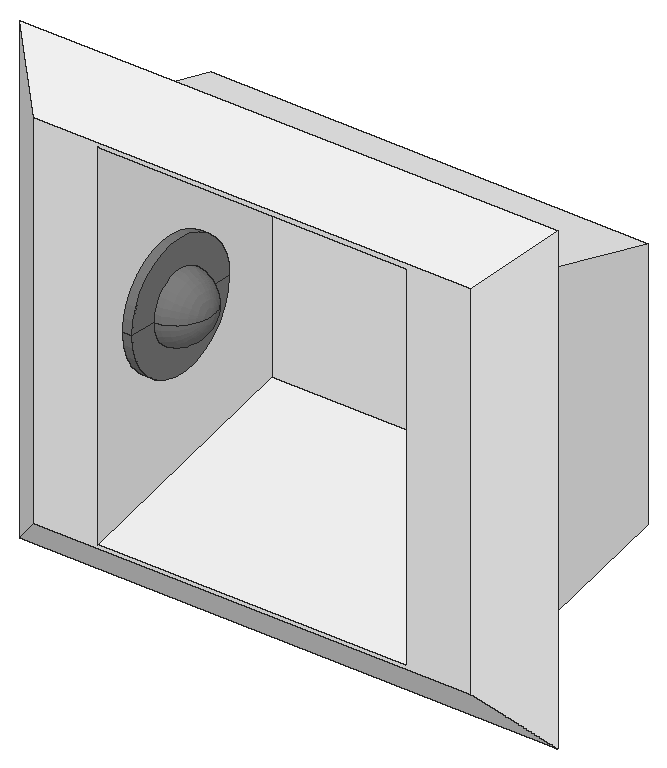
Revit family "rba-bim-rba8141-118", category Plumbing Fixtures, Revit 2018
Family settings
  Round Connector Dimension = Use Diameter
  Part Type = Normal
  Work Plane-Based = No
  Always vertical = No
  Cut with Voids When Loaded = No
  Shared = No
  Room Calculation Point = No
Parameters (values of type "RBA8141-118")
  URL = "www.rba.com.au"
  Phone Number = ""
  Modified Issue = "20200807.01"
  Model = "RBA8141-118"
  Materials and Finishes = 1.5mm Type 304 Stainless Steel Powdercoated White Finish
  Manufacturer = "RBA Group"
  Description = "Ligature Resistant Toilet Roll Holder, Recessed, White"
  Copyright by = "RBA Group"
Reference planes
  plane 1 "Center (Front/Back)": y = 0
  plane 2: z = 0
  plane 3 "Center (Left/Right)": x = 0
  plane 4: y = -73
  plane 5: y = -92
Forms (mm)
  Blend 1, solid, material "1.5mm Type 304 Stainless Steel Powdercoated White Finish" <- "Materials and Finishes"
    base sketch origin (0, -73, -7.782) x (1, 0, 0) y (0, 0, 1)
      loop
        line (-90.932, 83.537) -> (-90.932, -67.973) -> (90.932, -67.973) -> (90.932, 83.537) -> (-90.932, 83.537)
    top sketch origin (0, -73, -7.782) x (1, 0, 0) y (0, 0, 1)
      loop
        line (-112, 104.282) -> (-112, -88.718) -> (112, -88.718) -> (112, 104.282) -> (-112, 104.282)
    from 19 to 0
  Revolve 2, solid, material "304 Stainless Steel"
    sketch origin (0, -82.674, 0) x (0, -1, 0) y (1, 0, 0)
      loop
        line (-28.298, -64.287) -> (-2.898, -64.287) -> (-2.898, -60.098) -> (-14.153, -60.098)
        arc (-14.153, -60.098) -> (-18.883, -51.215) -> (-28.298, -47.66) r 14.275
        line (-28.298, -47.66) -> (-28.298, -64.287)
      axis (-28.298, -47.66) -> (-28.298, -64.287)
    angle from 0 to 360
  Revolve 3, solid, material "304 Stainless Steel"
    sketch origin (0, -82.545, 0) x (0, 1, 0) y (-1, 0, 0)
      loop
        line (28.298, -64.287) -> (28.298, -47.66)
        arc (28.298, -47.66) -> (18.883, -51.215) -> (14.153, -60.098) r 14.275
        line (14.153, -60.098) -> (2.898, -60.098) -> (2.898, -64.287) -> (28.298, -64.287)
      axis (28.298, -47.66) -> (28.298, -64.287)
    angle from 0 to 360
  Extrusion 4, void
    sketch origin (-228.6, -1292.225, -1531.782) x (0, 0, -1) y (0, -1, 0)
      loop
        line (-1480.45, -1290.725) -> (-1457.574, -1200.225) -> (-1605.99, -1200.225) -> (-1583.114, -1290.725) -> (-1480.45, -1290.725)
    from -292.887 to -164.313
  Extrusion 5, solid, material "1.5mm Type 304 Stainless Steel Powdercoated White Finish" <- "Materials and Finishes"
    sketch origin (0, 0, 0) x (0, 1, 0) y (0, 0, 1)
      loop
        line (0, -52.5) -> (0, 52.5) -> (-92, 75.755) -> (-92, -75.755) -> (0, -52.5)
    from -90.932 to 90.932
Cuts and joins
  Extrusion 4 cuts Blend 1
  Extrusion 4 cuts Extrusion 5
  joined: Blend 1, Extrusion 5
